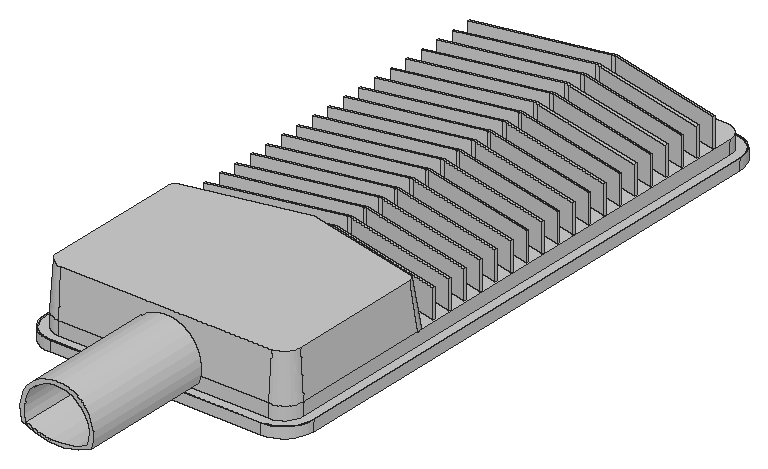
Revit family "NNYC2001488", category 照明器具, Revit 2018
Family settings
  丸型コネクタ寸法 = 直径を使用
  パーツ タイプ = 標準
  OmniClass 番号 = 23.80.70.00
  OmniClass タイトル = Lighting
  作業面ベース = はい
  常に垂直 = いいえ
  ロード時にボイドで切り取り = いいえ
  光源 = はい
  共有 = いいえ
  部屋計算ポイント = いいえ
Parameters (values of type "NNYC2001488")
  built-in parameter 1150110 = 1 (stored number, unit not read)
  長方形の長さに沿って放射 = 153 mm
  長方形の幅に沿って放射 = 306 mm
  built-in parameter 1150133 = 10 (stored number, unit not read)
  Dimming Lamp Color Temperature Shift = (empty or 0)
  説明 = "NNYC2001488"
  製造元 = "Panasonic Corp."
  built-in parameter 1150104 = 13.8 (stored number, unit not read)
  built-in parameter 1150115 = 1 (stored number, unit not read)
  built-in parameter 1150137 = 1
  built-in parameter 1150106 = 100.84 (stored number, unit not read)
  built-in parameter 1150134 = (empty or 0)
  built-in parameter 1150109 = 1 (stored number, unit not read)
  Default Elevation = 0 mm
  built-in parameter 1114218 = 1 (stored number, unit not read)
  built-in parameter 1114217 = 1 (stored number, unit not read)
  built-in parameter 1150102 = (empty or 0)
  built-in parameter 1150107 = 3000 (stored number, unit not read)
  built-in parameter 1150138 = (empty or 0)
  built-in parameter 1150132 = 2
  Lumens = 14400 lm
  built-in parameter 1150105 = 10084.4 (stored number, unit not read)
  Tilt Angle = 90.00°
  built-in parameter 1150139 = (empty or 0)
  Cost = 63000
  Wattage = 96.9423 W
  Emit Shape Visible in Rendering = no
  built-in parameter 1150112 = 1 (stored number, unit not read)
  built-in parameter 1150114 = 1 (stored number, unit not read)
  Lamp = ""
  モデル = "LED Street Light SP series"
  フォトメトリック Web ファイル = "NNYC2001488.ies"
  タイプの説明 = "Street Light"
  Type Image = (empty or 0)
  built-in parameter 1150113 = 1 (stored number, unit not read)
  Color Filter = 16777215
  Voltage = 230 V
  Width = 0 mm
  URL = "https://panasonic.net/electricworks/lighting/"
  Light Source = Light Source
  Height = 0 mm
  Length = 0 mm
  Body = ADC12
Reference planes
  plane 1 "Light Source Axis (F/B)": y = 0
  plane 2: z = 0
  plane 3 "Light Source Axis (L/R)": x = 0
  plane 4 "Light Source Elevation": z = 0
  plane 5: z = 41
  plane 6: y = 228
Forms (mm)
  Extrusion 1, solid, material "ADC12" <- "Body"
    sketch origin (0, 0, 0) x (1, 0, 0) y (0, 0, 1)
      loop
        arc (30.153, -10.713) -> (0, 32) -> (-30.153, -10.713) r 32
        arc (-30.153, -10.713) -> (0, -17.823) -> (30.153, -10.713) r 67.5
      loop
        arc (34.135, -11.436) -> (0, 36) -> (-34.135, -11.436) r 36
        arc (-34.135, -11.436) -> (0, -20.323) -> (34.135, -11.436) r 70
    from -134 to 0
  Extrusion 2, solid, material "ADC12" <- "Body"
    sketch origin (0, 0, 0) x (1, 0, 0) y (0, 1, 0)
      loop
        arc (132, 672.04) -> (123.518, 692.518) -> (103.04, 701) r 28.96
        line (103.04, 701) -> (-103.04, 701)
        arc (-103.04, 701) -> (-123.518, 692.518) -> (-132, 672.04) r 28.96
        line (-132, 672.04) -> (-132, 149.96)
        arc (-132, 149.96) -> (-123.518, 129.482) -> (-103.04, 121) r 28.96
        line (-103.04, 121) -> (103.04, 121)
        arc (103.04, 121) -> (123.518, 129.482) -> (132, 149.96) r 28.96
        line (132, 149.96) -> (132, 672.04)
      loop
        arc (-103.04, 699.7) -> (-122.598, 691.598) -> (-130.7, 672.04) r 27.66
        line (-130.7, 672.04) -> (-130.7, 149.96)
        arc (-130.7, 149.96) -> (-122.598, 130.402) -> (-103.04, 122.3) r 27.66
        line (-103.04, 122.3) -> (103.04, 122.3)
        arc (103.04, 122.3) -> (122.598, 130.402) -> (130.7, 149.96) r 27.66
        line (130.7, 149.96) -> (130.7, 672.04)
        arc (130.7, 672.04) -> (122.598, 691.598) -> (103.04, 699.7) r 27.66
        line (103.04, 699.7) -> (-103.04, 699.7)
    from -28 to -18
  Extrusion 3, solid, material "ADC12" <- "Body"
    sketch origin (0, 0, 0) x (1, 0, 0) y (0, 1, 0)
      loop
        arc (130.7, 672.04) -> (122.598, 691.598) -> (103.04, 699.7) r 27.66
        line (103.04, 699.7) -> (-103.04, 699.7)
        arc (-103.04, 699.7) -> (-122.598, 691.598) -> (-130.7, 672.04) r 27.66
        line (-130.7, 672.04) -> (-130.7, 149.96)
        arc (-130.7, 149.96) -> (-122.598, 130.402) -> (-103.04, 122.3) r 27.66
        line (-103.04, 122.3) -> (103.04, 122.3)
        arc (103.04, 122.3) -> (122.598, 130.402) -> (130.7, 149.96) r 27.66
        line (130.7, 149.96) -> (130.7, 672.04)
      loop
        arc (-100.095, 670.626) -> (-104.69, 668.722) -> (-106.594, 664.127) r 6.499
        line (-106.594, 664.127) -> (-106.594, 322.873)
        arc (-106.594, 322.873) -> (-104.69, 318.278) -> (-100.095, 316.374) r 6.499
        line (-100.095, 316.374) -> (100.095, 316.374)
        arc (100.095, 316.374) -> (104.69, 318.278) -> (106.594, 322.873) r 6.499
        line (106.594, 322.873) -> (106.594, 664.127)
        arc (106.594, 664.127) -> (104.69, 668.722) -> (100.095, 670.626) r 6.499
        line (100.095, 670.626) -> (-100.095, 670.626)
    from -18 to -28
  Extrusion 4, solid, material "Light Source" <- "Light Source"
    sketch origin (1500, 0, 0) x (1, 0, 0) y (0, 1, 0)
      loop
        arc (-1575.5, 646.5) -> (-1576.207, 646.207) -> (-1576.5, 645.5) r 1
        line (-1576.5, 645.5) -> (-1576.5, 341.5)
        arc (-1576.5, 341.5) -> (-1576.207, 340.793) -> (-1575.5, 340.5) r 1
        line (-1575.5, 340.5) -> (-1424.5, 340.5)
        arc (-1424.5, 340.5) -> (-1423.793, 340.793) -> (-1423.5, 341.5) r 1
        line (-1423.5, 341.5) -> (-1423.5, 645.5)
        arc (-1423.5, 645.5) -> (-1423.793, 646.207) -> (-1424.5, 646.5) r 1
        line (-1424.5, 646.5) -> (-1575.5, 646.5)
    from -7 to -5
  Extrusion 5, solid, material "ADC12" <- "Body"
    sketch origin (0, 0, 0) x (1, 0, 0) y (0, 1, 0)
      loop
        arc (-103.04, 691) -> (-116.447, 685.447) -> (-122, 672.04) r 18.96
        line (-122, 672.04) -> (-122, 149.96)
        arc (-122, 149.96) -> (-116.447, 136.553) -> (-103.04, 131) r 18.96
        line (-103.04, 131) -> (103.04, 131)
        arc (103.04, 131) -> (116.447, 136.553) -> (122, 149.96) r 18.96
        line (122, 149.96) -> (122, 672.04)
        arc (122, 672.04) -> (116.447, 685.447) -> (103.04, 691) r 18.96
        line (103.04, 691) -> (-103.04, 691)
    from -22 to -5
  Blend 6, solid, material "ADC12" <- "Body"
    base sketch origin (0, 0, 0) x (1, 0, 0) y (0, 1, 0)
      loop
        arc (122, 289.88) -> (119.826, 296.105) -> (114.25, 299.623) r 10
        line (114.25, 299.623) -> (2.25, 325.481)
        arc (2.25, 325.481) -> (0, 325.737) -> (-2.25, 325.481) r 10
        line (-2.25, 325.481) -> (-114.25, 299.623)
        arc (-114.25, 299.623) -> (-119.826, 296.105) -> (-122, 289.88) r 10
        line (-122, 289.88) -> (-122, 149.96)
        arc (-122, 149.96) -> (-116.447, 136.553) -> (-103.04, 131) r 18.96
        line (-103.04, 131) -> (103.04, 131)
        arc (103.04, 131) -> (116.447, 136.553) -> (122, 149.96) r 18.96
        line (122, 149.96) -> (122, 289.88)
    top sketch origin (0, 0, 0) x (1, 0, 0) y (0, 1, 0)
      loop
        arc (119, 284.143) -> (117.478, 288.5) -> (113.575, 290.963) r 7
        line (113.575, 290.963) -> (1.575, 316.821)
        arc (1.575, 316.821) -> (0, 317) -> (-1.575, 316.821) r 7
        line (-1.575, 316.821) -> (-113.575, 290.963)
        arc (-113.575, 290.963) -> (-117.478, 288.5) -> (-119, 284.143) r 7
        line (-119, 284.143) -> (-119, 149.96)
        arc (-119, 149.96) -> (-114.325, 138.675) -> (-103.04, 134) r 15.96
        line (-103.04, 134) -> (103.04, 134)
        arc (103.04, 134) -> (114.325, 138.675) -> (119, 149.96) r 15.96
        line (119, 149.96) -> (119, 284.143)
    from -5 to 41
  Blend 7, void
    base sketch origin (0, 0, 0) x (1, 0, 0) y (0, 1, 0)
      loop
        line (-106.594, 664.127) -> (-106.594, 322.873)
        arc (-106.594, 322.873) -> (-104.69, 318.278) -> (-100.095, 316.374) r 6.499
        line (-100.095, 316.374) -> (100.095, 316.374)
        arc (100.095, 316.374) -> (104.69, 318.278) -> (106.594, 322.873) r 6.499
        line (106.594, 322.873) -> (106.594, 664.127)
        arc (106.594, 664.127) -> (104.69, 668.722) -> (100.095, 670.626) r 6.499
        line (100.095, 670.626) -> (-100.095, 670.626)
        arc (-100.095, 670.626) -> (-104.69, 668.722) -> (-106.594, 664.127) r 6.499
    top sketch origin (0, 0, 0) x (1, 0, 0) y (0, 1, 0)
      loop
        arc (-75.5, 651.5) -> (-80.45, 649.45) -> (-82.5, 644.5) r 7
        line (-82.5, 644.5) -> (-82.5, 342.5)
        arc (-82.5, 342.5) -> (-80.45, 337.55) -> (-75.5, 335.5) r 7
        line (-75.5, 335.5) -> (75.5, 335.5)
        arc (75.5, 335.5) -> (80.45, 337.55) -> (82.5, 342.5) r 7
        line (82.5, 342.5) -> (82.5, 644.5)
        arc (82.5, 644.5) -> (80.45, 649.45) -> (75.5, 651.5) r 7
        line (75.5, 651.5) -> (-75.5, 651.5)
    from -22 to -7
  Extrusion 8, void
    sketch origin (1500, 0, 0) x (1, 0, 0) y (0, 1, 0)
      loop
        arc (-1423.5, 645.5) -> (-1423.793, 646.207) -> (-1424.5, 646.5) r 1
        line (-1424.5, 646.5) -> (-1575.5, 646.5)
        arc (-1575.5, 646.5) -> (-1576.207, 646.207) -> (-1576.5, 645.5) r 1
        line (-1576.5, 645.5) -> (-1576.5, 341.5)
        arc (-1576.5, 341.5) -> (-1576.207, 340.793) -> (-1575.5, 340.5) r 1
        line (-1575.5, 340.5) -> (-1424.5, 340.5)
        arc (-1424.5, 340.5) -> (-1423.793, 340.793) -> (-1423.5, 341.5) r 1
        line (-1423.5, 341.5) -> (-1423.5, 645.5)
    from -7 to -5
  Extrusion 9, solid, material "ADC12" <- "Body"
    sketch origin (0, 0, 0) x (1, 0, 0) y (0, 1, 0)
      loop
        line (-2.25, 340.448) -> (-119.848, 313.298) -> (-119.848, 311.246) -> (-1.8, 338.499)
        arc (-1.8, 338.499) -> (0, 338.704) -> (1.8, 338.499) r 8
        line (1.8, 338.499) -> (119.856, 311.244) -> (119.856, 313.296) -> (2.25, 340.448)
        arc (2.25, 340.448) -> (0, 340.704) -> (-2.25, 340.448) r 10
      loop
        line (-2.25, 359.448) -> (-119.848, 332.298) -> (-119.848, 330.246) -> (-1.8, 357.499)
        arc (-1.8, 357.499) -> (0, 357.704) -> (1.8, 357.499) r 8
        line (1.8, 357.499) -> (119.856, 330.244) -> (119.856, 332.296) -> (2.25, 359.448)
        arc (2.25, 359.448) -> (0, 359.704) -> (-2.25, 359.448) r 10
      loop
        line (-2.25, 378.448) -> (-119.848, 351.298) -> (-119.848, 349.246) -> (-1.8, 376.499)
        arc (-1.8, 376.499) -> (0, 376.704) -> (1.8, 376.499) r 8
        line (1.8, 376.499) -> (119.856, 349.244) -> (119.856, 351.296) -> (2.25, 378.448)
        arc (2.25, 378.448) -> (0, 378.704) -> (-2.25, 378.448) r 10
      loop
        line (-2.25, 397.448) -> (-119.848, 370.298) -> (-119.848, 368.246) -> (-1.8, 395.499)
        arc (-1.8, 395.499) -> (0, 395.704) -> (1.8, 395.499) r 8
        line (1.8, 395.499) -> (119.856, 368.244) -> (119.856, 370.296) -> (2.25, 397.448)
        arc (2.25, 397.448) -> (0, 397.704) -> (-2.25, 397.448) r 10
      loop
        line (-2.25, 416.448) -> (-119.848, 389.298) -> (-119.848, 387.246) -> (-1.8, 414.499)
        arc (-1.8, 414.499) -> (0, 414.704) -> (1.8, 414.499) r 8
        line (1.8, 414.499) -> (119.856, 387.244) -> (119.856, 389.296) -> (2.25, 416.448)
        arc (2.25, 416.448) -> (0, 416.704) -> (-2.25, 416.448) r 10
      loop
        line (-2.25, 435.448) -> (-119.848, 408.298) -> (-119.848, 406.246) -> (-1.8, 433.499)
        arc (-1.8, 433.499) -> (0, 433.704) -> (1.8, 433.499) r 8
        line (1.8, 433.499) -> (119.856, 406.244) -> (119.856, 408.296) -> (2.25, 435.448)
        arc (2.25, 435.448) -> (0, 435.704) -> (-2.25, 435.448) r 10
      loop
        line (-2.25, 454.448) -> (-119.848, 427.298) -> (-119.848, 425.246) -> (-1.8, 452.499)
        arc (-1.8, 452.499) -> (0, 452.704) -> (1.8, 452.499) r 8
        line (1.8, 452.499) -> (119.856, 425.244) -> (119.856, 427.296) -> (2.25, 454.448)
        arc (2.25, 454.448) -> (0, 454.704) -> (-2.25, 454.448) r 10
      loop
        line (-2.25, 473.448) -> (-119.848, 446.298) -> (-119.848, 444.246) -> (-1.8, 471.499)
        arc (-1.8, 471.499) -> (0, 471.704) -> (1.8, 471.499) r 8
        line (1.8, 471.499) -> (119.856, 444.244) -> (119.856, 446.296) -> (2.25, 473.448)
        arc (2.25, 473.448) -> (0, 473.704) -> (-2.25, 473.448) r 10
      loop
        line (-2.25, 492.448) -> (-119.848, 465.298) -> (-119.848, 463.246) -> (-1.8, 490.499)
        arc (-1.8, 490.499) -> (0, 490.704) -> (1.8, 490.499) r 8
        line (1.8, 490.499) -> (119.856, 463.244) -> (119.856, 465.296) -> (2.25, 492.448)
        arc (2.25, 492.448) -> (0, 492.704) -> (-2.25, 492.448) r 10
      loop
        line (-2.25, 511.448) -> (-119.848, 484.298) -> (-119.848, 482.246) -> (-1.8, 509.499)
        arc (-1.8, 509.499) -> (0, 509.704) -> (1.8, 509.499) r 8
        line (1.8, 509.499) -> (119.856, 482.244) -> (119.856, 484.296) -> (2.25, 511.448)
        arc (2.25, 511.448) -> (0, 511.704) -> (-2.25, 511.448) r 10
      loop
        line (-2.25, 530.448) -> (-119.848, 503.298) -> (-119.848, 501.246) -> (-1.8, 528.499)
        arc (-1.8, 528.499) -> (0, 528.704) -> (1.8, 528.499) r 8
        line (1.8, 528.499) -> (119.856, 501.244) -> (119.856, 503.296) -> (2.25, 530.448)
        arc (2.25, 530.448) -> (0, 530.704) -> (-2.25, 530.448) r 10
      loop
        line (-2.25, 549.448) -> (-119.848, 522.298) -> (-119.848, 520.246) -> (-1.8, 547.499)
        arc (-1.8, 547.499) -> (0, 547.704) -> (1.8, 547.499) r 8
        line (1.8, 547.499) -> (119.856, 520.244) -> (119.856, 522.296) -> (2.25, 549.448)
        arc (2.25, 549.448) -> (0, 549.704) -> (-2.25, 549.448) r 10
      loop
        line (-2.25, 568.448) -> (-119.848, 541.298) -> (-119.848, 539.246) -> (-1.8, 566.499)
        arc (-1.8, 566.499) -> (0, 566.704) -> (1.8, 566.499) r 8
        line (1.8, 566.499) -> (119.856, 539.244) -> (119.856, 541.296) -> (2.25, 568.448)
        arc (2.25, 568.448) -> (0, 568.704) -> (-2.25, 568.448) r 10
      loop
        line (-2.25, 587.711) -> (-119.848, 560.561) -> (-119.848, 558.509) -> (-1.8, 585.762)
        arc (-1.8, 585.762) -> (0, 585.967) -> (1.8, 585.762) r 8
        line (1.8, 585.762) -> (119.856, 558.507) -> (119.856, 560.559) -> (2.25, 587.711)
        arc (2.25, 587.711) -> (0, 587.967) -> (-2.25, 587.711) r 10
      loop
        line (-2.25, 606.711) -> (-119.848, 579.561) -> (-119.848, 577.509) -> (-1.8, 604.762)
        arc (-1.8, 604.762) -> (0, 604.967) -> (1.8, 604.762) r 8
        line (1.8, 604.762) -> (119.856, 577.507) -> (119.856, 579.559) -> (2.25, 606.711)
        arc (2.25, 606.711) -> (0, 606.967) -> (-2.25, 606.711) r 10
      loop
        line (-2.25, 625.711) -> (-119.848, 598.561) -> (-119.848, 596.509) -> (-1.8, 623.762)
        arc (-1.8, 623.762) -> (0, 623.967) -> (1.8, 623.762) r 8
        line (1.8, 623.762) -> (119.856, 596.507) -> (119.856, 598.559) -> (2.25, 625.711)
        arc (2.25, 625.711) -> (0, 625.967) -> (-2.25, 625.711) r 10
      loop
        line (-2.25, 644.711) -> (-119.848, 617.561) -> (-119.848, 615.509) -> (-1.8, 642.762)
        arc (-1.8, 642.762) -> (0, 642.967) -> (1.8, 642.762) r 8
        line (1.8, 642.762) -> (119.856, 615.507) -> (119.856, 617.559) -> (2.25, 644.711)
        arc (2.25, 644.711) -> (0, 644.967) -> (-2.25, 644.711) r 10
      loop
        line (-2.25, 663.711) -> (-119.848, 636.561) -> (-119.848, 634.509) -> (-1.8, 661.762)
        arc (-1.8, 661.762) -> (0, 661.967) -> (1.8, 661.762) r 8
        line (1.8, 661.762) -> (119.856, 634.507) -> (119.856, 636.559) -> (2.25, 663.711)
        arc (2.25, 663.711) -> (0, 663.967) -> (-2.25, 663.711) r 10
      loop
        line (-2.25, 682.711) -> (-119.848, 655.561) -> (-119.848, 653.509) -> (-1.8, 680.762)
        arc (-1.8, 680.762) -> (0, 680.967) -> (1.8, 680.762) r 8
        line (1.8, 680.762) -> (119.856, 653.507) -> (119.856, 655.559) -> (2.25, 682.711)
        arc (2.25, 682.711) -> (0, 682.967) -> (-2.25, 682.711) r 10
    from -5 to 23.005
Cuts and joins
  Blend 7, Extrusion 8 cuts Extrusion 5
  joined: Extrusion 3, Extrusion 5, Blend 6
Dimensions and locks
  aligned and locked: level to plane 2
Connectors
  electrical at (0, 228, 41)
    settings: on plane 5, index 1, voltage 0 V, apparent load 0 VA, apparent load phase1 0 VA, apparent load phase2 0 VA, apparent load phase3 0 VA, power factor 1, load classification "Other", number of poles 1, system type 31, power factor state 1, is connector primary yes, connector utility no, sub classification motor no, connector description ""
